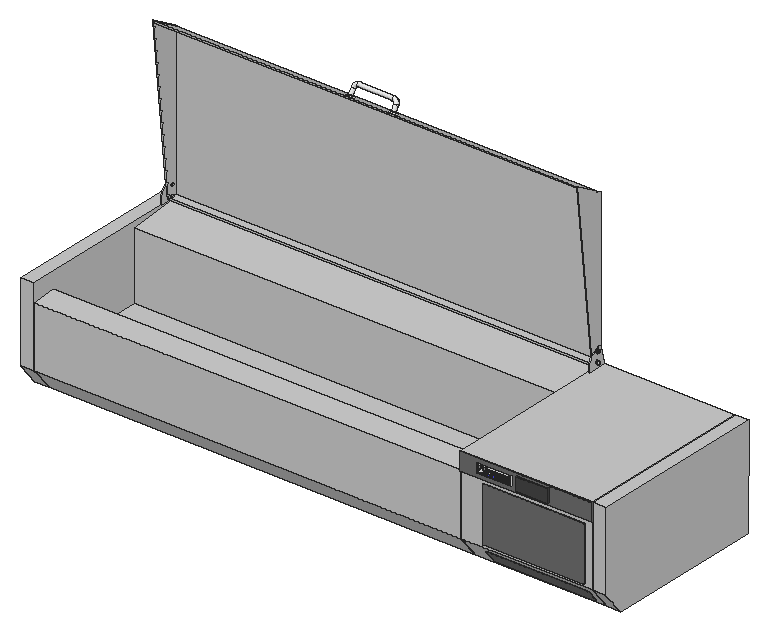
Revit family "Qf_Afinox_VRS1300K_", category Specialty Equipment, Revit 2014
Parameters
  Show Logo [instance] = yes
  Show Clearance [instance] = yes
Reference planes
  plane 1 "Back": y = 0
  plane 2: z = 0
  plane 3 "Left": x = 0
  plane 4 "Right": x = 1300
  plane 5 "Front": y = -395
  plane 6 "Top": z = 225
Forms (mm)
  Extrusion 1, solid
    sketch origin (200, 0, 0) x (0, 1, 0) y (0, 0, 1)
      loop
        line (0, 225) -> (-118.091, 213.424) -> (-118.091, 63.424) -> (-342.706, 63.424) -> (-342.706, 191.405) -> (-395, 186.278) -> (-395, 50) -> (-354.511, 0) -> (0, 0) -> (0, 225)
    from -170 to 778
  Extrusion 2, solid
    sketch origin (0, 0, 0) x (0, 1, 0) y (0, 0, 1)
      loop
        line (0, 225) -> (-395, 225) -> (-395, 50) -> (-354.511, 0) -> (0, 0) -> (0, 225)
    from 0 to 30
  Extrusion 3, solid
    sketch origin (1270, 0, 0) x (0, 1, 0) y (0, 0, 1)
      loop
        line (0, 225) -> (-395, 225) -> (-395, 50) -> (-354.511, 0) -> (0, 0) -> (0, 225)
    from 0 to 30
  Extrusion 4, solid
    sketch origin (1240, 0, 0) x (0, 1, 0) y (0, 0, 1)
      loop
        line (0, 225) -> (-395, 225) -> (-395, 50) -> (-354.511, 0) -> (0, 0) -> (0, 225)
    from -262 to 30
  Extrusion 5, solid
    sketch origin (200, -394, -0.038) x (1, 0, 0) y (0, 0, 1)
      loop
        arc (829.65, 178.011) -> (827.352, 177.059) -> (826.4, 174.761) r 3.25
        line (826.4, 174.761) -> (826.4, 59.261)
        arc (826.4, 59.261) -> (827.352, 56.963) -> (829.65, 56.011) r 3.25
        line (829.65, 56.011) -> (1050.15, 56.011)
        arc (1050.15, 56.011) -> (1052.448, 56.963) -> (1053.4, 59.261) r 3.25
        line (1053.4, 59.261) -> (1053.4, 174.761)
        arc (1053.4, 174.761) -> (1052.448, 177.059) -> (1050.15, 178.011) r 3.25
        line (1050.15, 178.011) -> (829.65, 178.011)
    from 0 to 2
  Extrusion 6, solid
    sketch origin (200, -273.564, -98.372) x (1, 0, 0) y (0, -0.62932, 0.777146)
      loop
        arc (829.65, 178.011) -> (827.352, 177.059) -> (826.4, 174.761) r 3.25
        line (826.4, 174.761) -> (826.4, 141.843)
        arc (826.4, 141.843) -> (827.352, 139.544) -> (829.65, 138.593) r 3.25
        line (829.65, 138.593) -> (1050.15, 138.593)
        arc (1050.15, 138.593) -> (1052.448, 139.544) -> (1053.4, 141.843) r 3.25
        line (1053.4, 141.843) -> (1053.4, 174.761)
        arc (1053.4, 174.761) -> (1052.448, 177.059) -> (1050.15, 178.011) r 3.25
        line (1050.15, 178.011) -> (829.65, 178.011)
    from 0 to 2
  Extrusion 7, solid
    sketch origin (192.335, -397, -1.215) x (1, 0, 0) y (0, 0, 1)
      loop
        line (912.065, 221.354) -> (912.065, 192.354) -> (983.065, 192.354) -> (983.065, 221.354) -> (912.065, 221.354)
    from 0 to 3
  Extrusion 8, solid, visible <- "Show Logo"
    sketch origin (837.556, -397, -384.108) x (1, 0, 0) y (0, 0, 1)
      loop
        line (179.287, 599.596) -> (179.287, 579.899) -> (254.287, 579.899) -> (254.287, 599.596) -> (179.287, 599.596)
      loop
        line (199.226, 597.323) -> (199.226, 582.172) -> (253.014, 582.172) -> (253.014, 597.323) -> (199.226, 597.323)
      loop
        line (180.287, 597.323) -> (180.287, 582.172) -> (198.848, 582.172) -> (198.848, 597.323) -> (180.287, 597.323)
    from 0 to 2
  Extrusion 9, solid, visible <- "Show Logo"
    sketch origin (44.53, -397, -622.718) x (1, 0, 0) y (0, 0, 1)
      loop
        arc (994.034, 825.04) -> (994.842, 823.416) -> (996.479, 824.198) r 1.293
        line (996.479, 824.198) -> (996.958, 825.22) -> (1000.192, 825.22) -> (1000.6, 824.198)
        arc (1000.6, 824.198) -> (1002.252, 823.366) -> (1003.039, 825.04) r 1.291
        line (1003.039, 825.04) -> (999.801, 832.415)
        arc (999.801, 832.415) -> (998.57, 833.402) -> (997.337, 832.418) r 1.263
        line (997.337, 832.418) -> (994.034, 825.04)
      loop
        line (999.576, 827.427) -> (998.603, 829.738) -> (997.631, 827.445) -> (999.576, 827.427)
      loop
        line (1004.344, 832.421) -> (1004.344, 824.556)
        arc (1004.344, 824.556) -> (1005.631, 823.448) -> (1006.918, 824.556) r 1.302
        line (1006.918, 824.556) -> (1006.918, 827.178) -> (1010.126, 827.178)
        arc (1010.126, 827.178) -> (1011.3, 828.493) -> (1010.126, 829.808) r 1.323
        line (1010.126, 829.808) -> (1006.918, 829.808) -> (1006.918, 830.954) -> (1010.126, 830.954)
        arc (1010.126, 830.954) -> (1011.264, 832.233) -> (1010.126, 833.511) r 1.287
        line (1010.126, 833.511) -> (1005.326, 833.511)
        arc (1005.326, 833.511) -> (1004.652, 833.13) -> (1004.344, 832.421) r 1.22
      loop
        line (1012.593, 832.457) -> (1012.593, 824.488)
        arc (1012.593, 824.488) -> (1013.928, 823.343) -> (1015.262, 824.488) r 1.35
        line (1015.262, 824.488) -> (1015.262, 832.457)
        arc (1015.262, 832.457) -> (1013.928, 833.516) -> (1012.593, 832.457) r 1.37
      loop
        arc (1019.372, 832.457) -> (1018.038, 833.516) -> (1016.703, 832.457) r 1.37
        line (1016.703, 832.457) -> (1016.703, 824.488)
        arc (1016.703, 824.488) -> (1018.038, 823.343) -> (1019.372, 824.488) r 1.35
        line (1019.372, 824.488) -> (1019.372, 828.473) -> (1022.448, 824.488)
        arc (1022.448, 824.488) -> (1023.783, 823.343) -> (1025.118, 824.488) r 1.35
        line (1025.118, 824.488) -> (1025.118, 832.457)
        arc (1025.118, 832.457) -> (1023.783, 833.516) -> (1022.448, 832.457) r 1.37
        line (1022.448, 832.457) -> (1022.448, 828.473) -> (1019.372, 832.457)
      loop
        circle (1031.159, 828.429) r 5.095
      loop
        circle (1031.159, 828.429) r 2.733
      loop
        line (1036.425, 831.5) -> (1038.763, 828.375) -> (1036.365, 825.267)
        arc (1036.365, 825.267) -> (1036.712, 823.621) -> (1038.393, 823.703) r 1.296
        line (1038.393, 823.703) -> (1040.42, 826.313) -> (1042.28, 823.703)
        arc (1042.28, 823.703) -> (1043.993, 823.58) -> (1044.434, 825.238) r 1.346
        line (1044.434, 825.238) -> (1042.048, 828.408) -> (1044.37, 831.408)
        arc (1044.37, 831.408) -> (1044.07, 833.196) -> (1042.269, 832.987) r 1.316
        line (1042.269, 832.987) -> (1040.366, 830.453) -> (1038.502, 833.054)
        arc (1038.502, 833.054) -> (1036.78, 833.19) -> (1036.425, 831.5) r 1.308
      loop
        line (1046.04, 835.933) -> (992.253, 835.933) -> (992.253, 820.782) -> (1046.04, 820.782) -> (1046.04, 835.933)
    from 0 to 2
  Extrusion 10, solid, visible <- "Show Logo"
    sketch origin (37.402, -397, -442.664) x (1, 0, 0) y (0, 0, 1)
      loop
        line (980.441, 655.879) -> (980.441, 640.728) -> (999.001, 640.728) -> (999.001, 655.879) -> (980.441, 655.879)
      loop
        arc (982.146, 642.435) -> (982.404, 641.667) -> (983.211, 641.586) r 0.747
        line (983.211, 641.586) -> (989.781, 644.576) -> (996.334, 641.6)
        arc (996.334, 641.6) -> (997.088, 641.702) -> (997.296, 642.435) r 0.695
        line (997.296, 642.435) -> (990.231, 654.688)
        arc (990.231, 654.688) -> (989.721, 654.992) -> (989.211, 654.688) r 0.58
        line (989.211, 654.688) -> (982.146, 642.435)
    from 0 to 2
  Extrusion 11, solid, visible <- "Show Logo"
    sketch origin (3.114, -397, -392.26) x (1, 0, 0) y (0, 0, 1)
      loop
        arc (1016.435, 592.031) -> (1016.693, 591.262) -> (1017.5, 591.182) r 0.747
        line (1017.5, 591.182) -> (1024.07, 594.172) -> (1030.623, 591.195)
        arc (1030.623, 591.195) -> (1031.377, 591.298) -> (1031.584, 592.031) r 0.695
        line (1031.584, 592.031) -> (1024.52, 604.283)
        arc (1024.52, 604.283) -> (1024.01, 604.588) -> (1023.5, 604.283) r 0.58
        line (1023.5, 604.283) -> (1016.435, 592.031)
      loop
        arc (1035.45, 594.582) -> (1036.258, 592.958) -> (1037.895, 593.739) r 1.293
        line (1037.895, 593.739) -> (1038.374, 594.762) -> (1041.608, 594.762) -> (1042.016, 593.739)
        arc (1042.016, 593.739) -> (1043.668, 592.908) -> (1044.455, 594.582) r 1.291
        line (1044.455, 594.582) -> (1041.218, 601.957)
        arc (1041.218, 601.957) -> (1039.986, 602.943) -> (1038.753, 601.959) r 1.263
        line (1038.753, 601.959) -> (1035.45, 594.582)
      loop
        line (1040.992, 596.969) -> (1040.02, 599.279) -> (1039.047, 596.987) -> (1040.992, 596.969)
      loop
        arc (1045.76, 594.097) -> (1047.047, 592.99) -> (1048.334, 594.097) r 1.302
        line (1048.334, 594.097) -> (1048.334, 596.72) -> (1051.542, 596.72)
        arc (1051.542, 596.72) -> (1052.716, 598.035) -> (1051.542, 599.35) r 1.323
        line (1051.542, 599.35) -> (1048.334, 599.35) -> (1048.334, 600.496) -> (1051.542, 600.496)
        arc (1051.542, 600.496) -> (1052.681, 601.774) -> (1051.542, 603.052) r 1.287
        line (1051.542, 603.052) -> (1046.742, 603.052)
        arc (1046.742, 603.052) -> (1046.069, 602.672) -> (1045.76, 601.962) r 1.22
        line (1045.76, 601.962) -> (1045.76, 594.097)
      loop
        arc (1054.01, 594.029) -> (1055.344, 592.884) -> (1056.679, 594.029) r 1.35
        line (1056.679, 594.029) -> (1056.679, 601.999)
        arc (1056.679, 601.999) -> (1055.344, 603.058) -> (1054.01, 601.999) r 1.37
        line (1054.01, 601.999) -> (1054.01, 594.029)
      loop
        arc (1058.12, 594.029) -> (1059.454, 592.884) -> (1060.789, 594.029) r 1.35
        line (1060.789, 594.029) -> (1060.789, 598.014) -> (1063.865, 594.029)
        arc (1063.865, 594.029) -> (1065.199, 592.884) -> (1066.534, 594.029) r 1.35
        line (1066.534, 594.029) -> (1066.534, 601.999)
        arc (1066.534, 601.999) -> (1065.199, 603.058) -> (1063.865, 601.999) r 1.37
        line (1063.865, 601.999) -> (1063.865, 598.014) -> (1060.789, 601.999)
        arc (1060.789, 601.999) -> (1059.454, 603.058) -> (1058.12, 601.999) r 1.37
        line (1058.12, 601.999) -> (1058.12, 594.029)
      loop
        circle (1072.575, 597.971) r 5.095
      loop
        circle (1072.575, 597.971) r 2.733
      loop
        line (1080.18, 597.917) -> (1077.782, 594.809)
        arc (1077.782, 594.809) -> (1078.129, 593.163) -> (1079.809, 593.245) r 1.296
        line (1079.809, 593.245) -> (1081.836, 595.854) -> (1083.697, 593.245)
        arc (1083.697, 593.245) -> (1085.409, 593.121) -> (1085.851, 594.78) r 1.346
        line (1085.851, 594.78) -> (1083.464, 597.949) -> (1085.787, 600.95)
        arc (1085.787, 600.95) -> (1085.486, 602.737) -> (1083.686, 602.528) r 1.316
        line (1083.686, 602.528) -> (1081.782, 599.994) -> (1079.918, 602.596)
        arc (1079.918, 602.596) -> (1078.197, 602.731) -> (1077.841, 601.041) r 1.308
        line (1077.841, 601.041) -> (1080.18, 597.917)
    from 0 to 2
  Extrusion 12, solid
    sketch origin (65.935, -395, 3.646) x (1, 0, 0) y (0, 0, 1)
      loop
        line (912.065, 221.354) -> (912.065, 182.633) -> (1204.065, 182.633) -> (1204.065, 221.354) -> (912.065, 221.354)
    from 0 to 2
  Extrusion 13, solid
    sketch origin (200, -6.8, 0) x (1, 0, 0) y (0, 0, 1)
      loop
        circle (1050, 20) r 5
    from -17.6 to -6.8
  Extrusion 14, solid
    sketch origin (200, 0, 0) x (1, 0, 0) y (0, 0, 1)
      loop
        line (-170, 13) -> (1070, 13) -> (1070, 186) -> (-170, 186) -> (-170, 13)
      loop
        circle (1050, 20) r 5
    from -10.8 to 0
  Extrusion 15, solid
    sketch origin (200, 0, 0) x (0, 1, 0) y (0, 0, 1)
      loop
        line (-4.839, 566.059) -> (-5.711, 567.602) -> (-67.897, 604.966) -> (-67.483, 601.218) -> (-7.839, 565.38) -> (-7.839, 234.059) -> (-26.661, 234.059) -> (-26.661, 231.059) -> (-4.839, 231.059) -> (-4.839, 566.059)
    from -165.5 to 773.5
  Extrusion 16, solid
    sketch origin (31.5, 0, 0) x (0, 1, 0) y (0, 0, 1)
      loop
        line (-26.661, 231.059) -> (-4.839, 231.059) -> (-4.839, 566.059) -> (-5.711, 567.602) -> (-67.897, 604.966) -> (-26.661, 231.059)
    from 0 to 3
  Extrusion 17, solid
    sketch origin (973.5, 0, 0) x (0, 1, 0) y (0, 0, 1)
      loop
        line (-26.661, 231.059) -> (-4.839, 231.059) -> (-4.839, 566.059) -> (-5.711, 567.602) -> (-67.897, 604.966) -> (-26.661, 231.059)
    from 0 to 3
  Extrusion 18, solid
    sketch origin (27.5, 0, 0) x (0, 1, 0) y (0, 0, 1)
      loop
        line (-1.6, 229.5) -> (-9.4, 262.31)
        arc (-9.4, 262.31) -> (-13.213, 264.976) -> (-16.305, 261.5) r 3.5
        line (-16.305, 261.5) -> (-16.305, 258.7)
        arc (-16.305, 258.7) -> (-19.222, 255.38) -> (-22.819, 257.948) r 3.295
        arc (-22.819, 257.948) -> (-23.057, 258.376) -> (-23.545, 258.419) r 0.522
        arc (-23.545, 258.419) -> (-35.086, 251.292) -> (-39.6, 238.5) r 20.384
        line (-39.6, 238.5) -> (-39.6, 225) -> (-1.6, 225) -> (-1.6, 229.5)
      loop
        line (-16.414, 236.961) -> (-18.9, 242.422)
        arc (-18.9, 242.422) -> (-23.535, 244.158) -> (-25.271, 239.523) r 3.5
        line (-25.271, 239.523) -> (-22.786, 234.062)
        arc (-22.786, 234.062) -> (-18.15, 232.326) -> (-16.414, 236.961) r 3.5
    from 0 to 2.5
  Revolve 19, solid
    sketch origin (0, -19.388, 0) x (1, 0, 0) y (0, 0, 1)
      loop
        line (23.5, 258.511) -> (37.5, 258.511) -> (37.5, 261.033) -> (32.5, 261.033) -> (31.5, 261.5) -> (24.493, 261.5) -> (23.5, 260.507) -> (23.5, 258.511)
      axis (23.5, 258.511) -> (37.5, 258.511)
    angle from 0 to 360
  Revolve 20, solid
    sketch origin (0, -19.388, -23) x (1, 0, 0) y (0, 0, 1)
      loop
        line (23.5, 258.511) -> (37.5, 258.511) -> (37.5, 261.033) -> (32.5, 261.033) -> (31.5, 261.5) -> (24.493, 261.5) -> (23.5, 260.507) -> (23.5, 258.511)
      axis (23.5, 258.511) -> (37.5, 258.511)
    angle from 0 to 360
  Extrusion 21, solid
    sketch origin (980.5, 0, 0) x (0, 1, 0) y (0, 0, -1)
      loop
        line (-1.6, -229.5) -> (-1.6, -225) -> (-39.6, -225) -> (-39.6, -238.5)
        arc (-39.6, -238.5) -> (-35.086, -251.292) -> (-23.545, -258.419) r 20.384
        arc (-23.545, -258.419) -> (-23.057, -258.376) -> (-22.819, -257.948) r 0.522
        arc (-22.819, -257.948) -> (-19.222, -255.38) -> (-16.305, -258.7) r 3.295
        line (-16.305, -258.7) -> (-16.305, -261.5)
        arc (-16.305, -261.5) -> (-13.213, -264.976) -> (-9.4, -262.31) r 3.5
        line (-9.4, -262.31) -> (-1.6, -229.5)
      loop
        arc (-16.414, -236.961) -> (-18.15, -232.326) -> (-22.786, -234.062) r 3.5
        line (-22.786, -234.062) -> (-25.271, -239.523)
        arc (-25.271, -239.523) -> (-23.535, -244.158) -> (-18.9, -242.422) r 3.5
        line (-18.9, -242.422) -> (-16.414, -236.961)
    from 0 to 2.5
  Revolve 22, solid
    sketch origin (1008, -19.388, 0) x (-1, 0, 0) y (0, 0, -1)
      loop
        line (23.5, -258.511) -> (23.5, -260.507) -> (24.493, -261.5) -> (31.5, -261.5) -> (32.5, -261.033) -> (37.5, -261.033) -> (37.5, -258.511) -> (23.5, -258.511)
      axis (23.5, -258.511) -> (37.5, -258.511)
    angle from 0 to 360
  Revolve 23, solid
    sketch origin (1008, -19.388, -23) x (-1, 0, 0) y (0, 0, -1)
      loop
        line (23.5, -258.511) -> (23.5, -260.507) -> (24.493, -261.5) -> (31.5, -261.5) -> (32.5, -261.033) -> (37.5, -261.033) -> (37.5, -258.511) -> (23.5, -258.511)
      axis (23.5, -258.511) -> (37.5, -258.511)
    angle from 0 to 360
  Sweep 24, solid
    path origin (100.499, -355.476, 85.218) x (1, 0, 0) y (0, 0.515038, 0.857167)
      loop
        line (356.001, 596.626) -> (356.001, 610.769)
        arc (356.001, 610.769) -> (358.302, 616.325) -> (363.858, 618.626) r 7.857
        line (363.858, 618.626) -> (443.144, 618.626)
        arc (443.144, 618.626) -> (448.7, 616.325) -> (451.001, 610.769) r 7.857
        line (451.001, 610.769) -> (451.001, 596.626)
    profile origin (456.5, -44.549, 602.688) x (-1, 0, 0) y (0, -0.857167, 0.515038)
      loop
        circle (0, 0) r 4
  Revolve 25, solid
    sketch origin (456.467, 0, 0) x (0, 1, 0) y (0, 0, 1)
      loop
        line (-48.191, 596.626) -> (-51.796, 598.792)
        arc (-51.796, 598.792) -> (-53.02, 598.984) -> (-54.032, 598.269) r 1.648
        line (-54.032, 598.269) -> (-54.747, 598.698)
        arc (-54.747, 598.698) -> (-55.805, 598.856) -> (-56.664, 598.217) r 1.396
        line (-56.664, 598.217) -> (-49.736, 594.055) -> (-48.191, 596.626)
      axis (-48.191, 596.626) -> (-49.736, 594.055)
    angle from 0 to 360
  Revolve 26, solid
    sketch origin (551.467, 0, 0) x (0, 1, 0) y (0, 0, 1)
      loop
        line (-48.191, 596.626) -> (-51.796, 598.792)
        arc (-51.796, 598.792) -> (-53.02, 598.984) -> (-54.032, 598.269) r 1.648
        line (-54.032, 598.269) -> (-54.747, 598.698)
        arc (-54.747, 598.698) -> (-55.805, 598.856) -> (-56.664, 598.217) r 1.396
        line (-56.664, 598.217) -> (-49.736, 594.055) -> (-48.191, 596.626)
      axis (-48.191, 596.626) -> (-49.736, 594.055)
    angle from 0 to 360
Lines and regions (mm)
  symbolic lines, style "200-EquipBorder-2D"
    curve 1: line (0, 0, 0) -> (1300, 0, 0)
    curve 2: line (0, -395, 0) -> (0, 0, 0)
    curve 3: line (1300, -395, 0) -> (0, -395, 0)
    curve 4: line (1300, 0, 0) -> (1300, -395, 0)
    curve 10: line (30, 0, 0) -> (30, 10.8, 0)
    curve 11: line (30, 10.8, 0) -> (1270, 10.8, 0)
    curve 12: line (1270, 10.8, 0) -> (1270, 0, 0)
  symbolic lines, style "200-EquipInternal-2D"
    curve 5: line (30, -22.377, 0) -> (30, -395, 0)
    curve 6: line (978, -22.377, 0) -> (978, -395, 0)
    curve 7: line (1270, 0, 0) -> (1270, -395, 0)
    curve 8: line (978, -342.706, 0) -> (30, -342.706, 0)
    curve 9: line (30, -118.091, 0) -> (978, -118.091, 0)
    curve 13: line (31.5, -4.839, 0) -> (976.5, -4.839, 0)
    curve 14: line (31.5, -67.897, 0) -> (31.5, -4.839, 0)
    curve 15: line (976.5, -67.897, 0) -> (31.5, -67.897, 0)
    curve 16: line (976.5, -4.839, 0) -> (976.5, -67.897, 0)
    curve 17: line (984.5, -17.393, 0) -> (984.5, -21.384, 0)
    curve 18: line (984.5, -21.384, 0) -> (983.507, -22.377, 0)
    curve 19: line (983.507, -22.377, 0) -> (976.5, -22.377, 0)
    curve 20: line (983.507, -16.4, 0) -> (976.5, -16.4, 0)
    curve 21: line (983.507, -16.4, 0) -> (984.5, -17.393, 0)
    curve 22: line (978, 0, 0) -> (978, -16.4, 0)
    curve 23: line (978, -1.6, 0) -> (980.5, -1.6, 0)
    curve 24: line (980.5, -1.6, 0) -> (980.5, -16.4, 0)
    curve 25: line (980.5, -22.377, 0) -> (980.5, -39.6, 0)
    curve 26: line (980.5, -39.6, 0) -> (978, -39.6, 0)
    curve 27: line (31.5, -16.414, 0) -> (24.493, -16.414, 0)
    curve 28: line (24.493, -16.414, 0) -> (23.5, -17.407, 0)
    curve 29: line (23.5, -17.407, 0) -> (23.5, -21.384, 0)
    curve 30: line (23.5, -21.384, 0) -> (24.493, -22.377, 0)
    curve 31: line (24.493, -22.377, 0) -> (31.5, -22.377, 0)
    curve 32: line (30, -1.6, 0) -> (27.5, -1.6, 0)
    curve 33: line (27.5, -1.6, 0) -> (27.5, -16.414, 0)
    curve 34: line (27.5, -22.377, 0) -> (27.5, -39.6, 0)
    curve 35: line (27.5, -39.6, 0) -> (30, -39.6, 0)
    curve 36: spline (452.322, -43.789, 0) -> (449.783, -45.842, 0) -> (448.491, -48.62, 0) -> (448.685, -51.607, 0) -> (450.33, -54.244, 0) -> (453.12, -56.042, 0) -> (456.533, -56.664, 0) -> (459.934, -55.995, 0) -> (462.689, -54.159, 0) -> (464.284, -51.498, 0) -> (464.422, -48.51, 0) -> (463.077, -45.749, 0) -> (460.5, -43.733, 0)
    curve 37: spline (547.5, -43.701, 0) -> (544.891, -45.709, 0) -> (543.52, -48.475, 0) -> (543.645, -51.479, 0) -> (545.242, -54.154, 0) -> (548.01, -55.999, 0) -> (551.43, -56.664, 0) -> (554.856, -56.026, 0) -> (557.645, -54.204, 0) -> (559.27, -51.541, 0) -> (559.428, -48.539, 0) -> (558.087, -45.762, 0) -> (555.5, -43.733, 0)
    curve 38: spline (460.5, -48.191, 0) -> (460.364, -49.079, 0) -> (459.964, -49.906, 0) -> (459.328, -50.616, 0) -> (458.5, -51.161, 0) -> (457.535, -51.503, 0) -> (456.5, -51.62, 0) -> (455.465, -51.503, 0) -> (454.5, -51.161, 0) -> (453.672, -50.616, 0) -> (453.036, -49.906, 0) -> (452.636, -49.079, 0) -> (452.5, -48.191, 0)
    curve 39: spline (555.5, -48.191, 0) -> (555.364, -49.079, 0) -> (554.964, -49.906, 0) -> (554.328, -50.616, 0) -> (553.5, -51.161, 0) -> (552.535, -51.503, 0) -> (551.5, -51.62, 0) -> (550.465, -51.503, 0) -> (549.5, -51.161, 0) -> (548.672, -50.616, 0) -> (548.036, -49.906, 0) -> (547.636, -49.079, 0) -> (547.5, -48.191, 0)
    curve 40: line (452.5, -48.191, 0) -> (452.5, -40.849, 0)
    curve 41: line (460.5, -48.191, 0) -> (460.5, -41.684, 0)
    curve 42: line (547.5, -48.191, 0) -> (547.5, -41.628, 0)
    curve 43: line (555.5, -48.191, 0) -> (555.5, -40.849, 0)
    curve 44: line (464.274, -40.849, 0) -> (543.972, -40.849, 0)
    curve 45: line (464.274, -32.842, 0) -> (543.726, -32.842, 0)
    curve 46: spline (464.274, -32.842, 0) -> (462.737, -32.911, 0) -> (461.226, -33.115, 0) -> (459.768, -33.452, 0) -> (458.387, -33.915, 0) -> (457.106, -34.497, 0) -> (455.948, -35.187, 0) -> (454.933, -35.975, 0) -> (454.077, -36.846, 0) -> (453.396, -37.785, 0) -> (452.901, -38.777, 0) -> (452.601, -39.804, 0) -> (452.5, -40.849, 0)
    curve 47: spline (543.726, -32.842, 0) -> (545.263, -32.911, 0) -> (546.774, -33.115, 0) -> (548.232, -33.452, 0) -> (549.613, -33.915, 0) -> (550.894, -34.497, 0) -> (552.052, -35.187, 0) -> (553.067, -35.975, 0) -> (553.923, -36.846, 0) -> (554.604, -37.785, 0) -> (555.099, -38.777, 0) -> (555.399, -39.804, 0) -> (555.5, -40.849, 0)
    curve 48: arc (547.5, -41.628, 0) -> (545.779, -41.046, 0) -> (543.972, -40.849, 0) r 8.377
    curve 49: arc (460.5, -41.684, 0) -> (462.341, -41.061, 0) -> (464.274, -40.849, 0) r 8.945
    curve 50: line (30, 0, 0) -> (30, -16.414, 0)
Dimensions and locks
  plane 3 "Left" to plane 4 "Right" = 1300 mm
  plane 5 "Front" to plane 1 "Back" = 395 mm
  plane 6 "Top" to level = 225 mm
  aligned and locked: level to plane 2
  aligned and locked: Extrusion 14 to Extrusion 1
  aligned and locked: Extrusion 14 to Extrusion 2
Connectors
  electrical at (1250, 10.8, 20)
    settings: on Extrusion 13, index 1, voltage 0 V, apparent load 0 VA, apparent load phase1 0 VA, apparent load phase2 0 VA, apparent load phase3 0 VA, power factor 1, load classification "Other", number of poles 1, system type 31, power factor state 1, is connector primary yes, connector utility no, sub classification motor no, connector description "Electrical connection"
